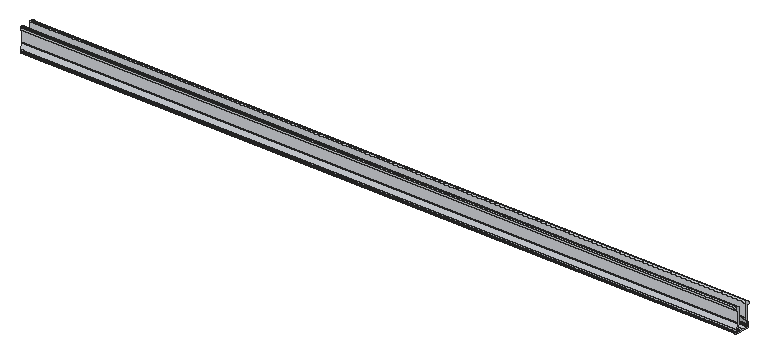
Revit family "97TSC4.00 12g Bottom Chord", category Structural Framing, Revit 2020
Family settings
  Section Shape = Not Defined
  Material for Model Behavior = Steel
  Always export as geometry = No
  OmniClass Number = 23.25.30.11.14.14
  OmniClass Title = Beams
  Always vertical = Yes
  Cut with Voids When Loaded = No
  Symbolic Representation = From Family
  Shared = No
  Show family pre-cut in plan views = Yes
Parameters
  Weight lbs per ft [instance] = 4.0653
  URL = "https://www.trussteel.com/details_files/pdf/ts008.pdf"
  Total Member Weight lbs [instance] = Length / 1' 0" * Weight lbs per ft  # 40.653
  Structural Material = ASTM A653 SS Grade 50 Class 1 G90
  Steel Design Thickness [instance] = 0.1028
  Model = "97TSC4.00"
  Manufacturer = "TrusSteel"
  Length [instance] = 10' - 0"
  Fy (ksi) [instance] = 50
  Fu (ksi) [instance] = 65
  Description = "Chord"
  Cross Section Area (in2) [instance] = 1.1957
  Beam Height = 0' - 4"
  Beam Width = 0' - 2 1/2"
Reference planes (in)
  plane 1 "Center (Front/Back)": y = 0
  plane 2 "Center El.": z = 0
  plane 3 "Center (Left/Right)": x = 0
  plane 4 "Left": x = -60
  plane 5 "Right": x = 60
Forms (in)
  Extrusion 1, solid
    sketch origin (0, 0, 0) x (0, 1, 0) y (0, 0, 1)
      loop
        line (0.8517, 1.56714) -> (0.8517, 3.8383)
        arc (0.8517, 3.8383) -> (0.86927, 3.88073) -> (0.9117, 3.8983) r 0.06
        line (0.9117, 3.8983) -> (1.0883, 3.8983)
        arc (1.0883, 3.8983) -> (1.13073, 3.88073) -> (1.1483, 3.8383) r 0.06
        line (1.1483, 3.8383) -> (1.1483, 3.5) -> (1.25, 3.5) -> (1.25, 3.8383)
        arc (1.25, 3.8383) -> (1.20264, 3.95264) -> (1.0883, 4) r 0.1617
        line (1.0883, 4) -> (0.9117, 4)
        arc (0.9117, 4) -> (0.79736, 3.95264) -> (0.75, 3.8383) r 0.1617
        line (0.75, 3.8383) -> (0.75, 1.56714)
        arc (0.75, 1.56714) -> (0.75809, 1.48204) -> (0.78206, 1.4) r 0.4517
        line (0.78206, 1.4) -> (1.12346, 0.54286)
        arc (1.12346, 0.54286) -> (1.14203, 0.47929) -> (1.1483, 0.41335) r 0.35
        line (1.1483, 0.41335) -> (1.1483, 0.1957)
        arc (1.1483, 0.1957) -> (1.12077, 0.12923) -> (1.0543, 0.1017) r 0.094
        line (1.0543, 0.1017) -> (0.31554, 0.1017)
        arc (0.31554, 0.1017) -> (0.23315, 0.11365) -> (0.15755, 0.14851) r 0.29
        arc (0.15755, 0.14851) -> (0, 0.1952) -> (-0.15755, 0.14851) r 0.2892
        arc (-0.15755, 0.14851) -> (-0.23315, 0.11365) -> (-0.31554, 0.1017) r 0.29
        line (-0.31554, 0.1017) -> (-1.0543, 0.1017)
        arc (-1.0543, 0.1017) -> (-1.12077, 0.12923) -> (-1.1483, 0.1957) r 0.094
        line (-1.1483, 0.1957) -> (-1.1483, 0.41335)
        arc (-1.1483, 0.41335) -> (-1.14203, 0.47929) -> (-1.12346, 0.54286) r 0.35
        line (-1.12346, 0.54286) -> (-0.78206, 1.4)
        arc (-0.78206, 1.4) -> (-0.75809, 1.48204) -> (-0.75, 1.56714) r 0.4517
        line (-0.75, 1.56714) -> (-0.75, 3.8383)
        arc (-0.75, 3.8383) -> (-0.79736, 3.95264) -> (-0.9117, 4) r 0.1617
        line (-0.9117, 4) -> (-1.0883, 4)
        arc (-1.0883, 4) -> (-1.20264, 3.95264) -> (-1.25, 3.8383) r 0.1617
        line (-1.25, 3.8383) -> (-1.25, 3.5) -> (-1.1483, 3.5) -> (-1.1483, 3.8383)
        arc (-1.1483, 3.8383) -> (-1.13073, 3.88073) -> (-1.0883, 3.8983) r 0.06
        line (-1.0883, 3.8983) -> (-0.9117, 3.8983)
        arc (-0.9117, 3.8983) -> (-0.86927, 3.88073) -> (-0.8517, 3.8383) r 0.06
        line (-0.8517, 3.8383) -> (-0.8517, 1.56714)
        arc (-0.8517, 1.56714) -> (-0.85797, 1.5012) -> (-0.87654, 1.43763) r 0.35
        line (-0.87654, 1.43763) -> (-1.21794, 0.5805)
        arc (-1.21794, 0.5805) -> (-1.24191, 0.49845) -> (-1.25, 0.41335) r 0.4517
        line (-1.25, 0.41335) -> (-1.25, 0.1957)
        arc (-1.25, 0.1957) -> (-1.19268, 0.05732) -> (-1.0543, 0) r 0.1957
        line (-1.0543, 0) -> (-0.31554, 0)
        arc (-0.31554, 0) -> (-0.20426, 0.01614) -> (-0.10215, 0.06323) r 0.3917
        arc (-0.10215, 0.06323) -> (0, 0.0935) -> (0.10215, 0.06323) r 0.1875
        arc (0.10215, 0.06323) -> (0.20426, 0.01614) -> (0.31554, 0) r 0.3917
        line (0.31554, 0) -> (1.0543, 0)
        arc (1.0543, 0) -> (1.19268, 0.05732) -> (1.25, 0.1957) r 0.1957
        line (1.25, 0.1957) -> (1.25, 0.41335)
        arc (1.25, 0.41335) -> (1.24191, 0.49845) -> (1.21794, 0.5805) r 0.4517
        line (1.21794, 0.5805) -> (0.87654, 1.43763)
        arc (0.87654, 1.43763) -> (0.85797, 1.5012) -> (0.8517, 1.56714) r 0.35
    from -60 to 60
Dimensions and locks (in)
  equal spacing: plane 4 "Left", plane 3 "Center (Left/Right)", plane 5 "Right"
  "Length": plane 4 "Left" to plane 5 "Right"
  "Beam Width": Extrusion 1 to Extrusion 1
  "Beam Height": Extrusion 1 to Extrusion 1
  aligned and locked: level to plane 2 "Center El."
  aligned and locked: plane 4 "Left" to Extrusion 1
  aligned and locked: Extrusion 1 to plane 5 "Right"
Automatic sketch dimensions
  Extrusion 1 sketch curve to Extrusion 1 sketch curve = 0' - 0"  (x28)
  Extrusion 1 sketch curve to level = 0' - 0"  (x2)
  Extrusion 1 sketch curve to plane 1 "Center (Front/Back)" = 0' - 0"
  plane 1 "Center (Front/Back)" to Extrusion 1 sketch curve = 0' - 0.31554"
  plane 1 "Center (Front/Back)" to Extrusion 1 sketch curve = 0' - 0 3/4"
  Extrusion 1 sketch curve to Extrusion 1 sketch curve = 0' - 0.03206"  (x2)
  Extrusion 1 sketch curve to Extrusion 1 sketch curve = 0' - 0.48276"  (x2)
  Extrusion 1 sketch curve to Extrusion 1 sketch curve = 0' - 0.1017"  (x2)
  Extrusion 1 sketch curve to Extrusion 1 sketch curve = 0' - 0.09448"  (x3)
  Extrusion 1 sketch curve to Extrusion 1 sketch curve = 0' - 0.06"  (x4)
  Extrusion 1 sketch curve to Extrusion 1 sketch curve = 0' - 0.256"  (x2)
  Extrusion 1 sketch curve to Extrusion 1 sketch curve = 0' - 0.1766"  (x2)
  level to Extrusion 1 sketch curve = 0' - 0.54286"  (x2)
  Extrusion 1 sketch curve to Extrusion 1 sketch curve = 0' - 0.32516"
  Extrusion 1 sketch curve to Extrusion 1 sketch curve = 0' - 0.02484"  (x2)
  Extrusion 1 sketch curve to Extrusion 1 sketch curve = 0' - 0.35"  (x2)
  level to Extrusion 1 sketch curve = 0' - 0.5805"  (x2)
  level to Extrusion 1 sketch curve = 0' - 0.1017"
  Extrusion 1 sketch curve to plane 1 "Center (Front/Back)" = 0' - 0.31554"
  Extrusion 1 sketch curve to plane 1 "Center (Front/Back)" = 0' - 0 3/4"
  level to Extrusion 1 sketch curve = 0' - 0.1957"
  Extrusion 1 sketch curve to level = 0' - 0.094"
  Extrusion 1 sketch curve to Extrusion 1 sketch curve = 0' - 0.29"  (x2)
  Extrusion 1 sketch curve to Extrusion 1 sketch curve = 0' - 0.85713"  (x2)
  Extrusion 1 sketch curve to Extrusion 1 sketch curve = 0' - 1.93286"  (x2)
  Extrusion 1 sketch curve to Extrusion 1 sketch curve = 0' - 0.3383"  (x2)
